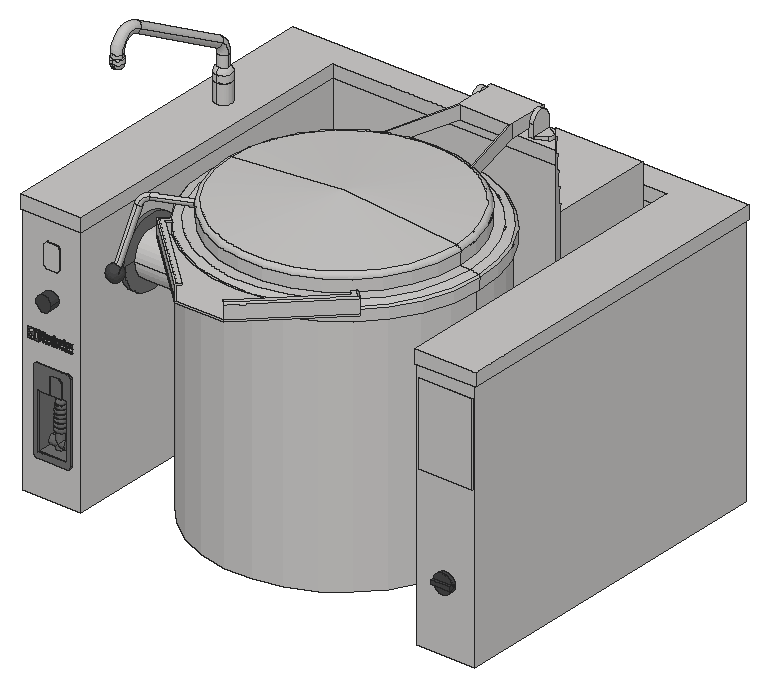
Revit family "QF_ELECTROLUXPROFESSIONAL_586917_PBOT10GCCS", category Specialty Equipment, Revit 2018
Family settings
  Round Connector Dimension = Use Radius
  Part Type = Normal
  Work Plane-Based = No
  Always vertical = Yes
  Cut with Voids When Loaded = No
  Shared = Yes
  Room Calculation Point = No
Parameters (values of type "Standard")
  Weight = 230.00 kg
  Watts = 0 W
  Volts = 230 V
  URL Manufacturer = "http://professional.electrolux.com"
  URL = "http://professional.electrolux.com"
  Tilt Clearance [instance] = 1124 mm
  Steam Supply Size = 0"
  Steam Supply Minimum Pressure = 0.00 psi
  Steam Supply Maximum Pressure = 0.00 psi
  Steam Pounds per Hour = 0
  Show Logo [instance] = yes
  Refrigeration Suction Line Size = 0"
  Refrigeration Liquid Line Size = 0"
  Refrigerant Compressor Remote = yes
  Plinth Base Finish [instance] = QF_Finishes_Concrete
  Plinth Base [instance] = not(Base Height = 500 mm)  # yes
  Phase = 1
  Length Actual = 1200 mm  # constant formula
  Item Number = "586917"
  Hot Water Size = 1/2"
  Height Actual = 700 mm  # constant formula
  HP = "0.3 HP"
  Gas Size = 1"
  Gas KW = 21
  Gas Input Pressure = 0.760796 Btu/h
  Direct Waste Size = 0"
  Depth Actual = 900 mm  # constant formula
  Cycle = 50 Hz
  Condensate Return Size = 0"
  Compressed Air Volume = 0 GPM
  Compressed Air Size = 0"
  Compressed Air Pressure = 0.00 psi
  Cold Water Size = 1/2"
  Assembly Code = ""
  Open Clearance [instance] = 856 mm  # constant formula
  Model = "PBOT10GCCS"
  Manufacturer = "Electrolux Professional"
  Description = "GAS BOILING PAN,TILTING,AUTO H/C WAER FILL INLET,SPRAY GUN, 100L,H700,FS,D900,REAR CLS KIT,GUID.COOK.S"
  Bracket [instance] = Base Height = 500 mm  # no
  Body Finish [instance] = QF_Finishes_Stainless Steel
  Base Height = 200 mm
  Show Clearance [instance] = yes
  Accessory = yes
Reference planes
  plane 1 "BACK": y = 100
  plane 2: z = 0
  plane 3 "LEFT": x = 0
  plane 4 "RIGHT": x = 1200
  plane 5 "FRONT": y = -800
  plane 6 "TOP": z = 900
  plane 7: z = 200
  plane 8 "Center": x = 600
  plane 9: z = 1756
  plane 10: y = -960
  plane 11 "Vessel X axis": y = -483
  plane 12: x = 280
  plane 13: y = -580
  plane 14: x = 280
  plane 15: through (0, 114.006, 947.95) normal (0, 0.281, -0.9597)
  plane 16: z = 505
  plane 17 "Top Level": z = 981
  plane 18: y = -1024
  plane 19: z = 981.311
  plane 20: z = 227.005
Forms (mm)
  Extrusion 1, solid, material "QF_Finishes_Stainless Steel" <- "Body Finish"
    sketch origin (0, 0, 900) x (-1, 0, 0) y (0, -1, 0)
      loop
        line (0, -100) -> (0, 800) -> (-160, 800) -> (-160, -31.55) -> (-1040, -31.55) -> (-1040, 800) -> (-1200, 800) -> (-1200, -100) -> (0, -100)
    from -35 to 0
  Extrusion 2, solid, material "QF_Finishes_Stainless Steel" <- "Body Finish"
    sketch origin (0, 0, 900) x (-1, 0, 0) y (0, -1, 0)
      loop
        line (-535, 960) -> (-665, 960) -> (-868.236, 765.434) -> (-847.007, 744.205)
        arc (-847.007, 744.205) -> (-600, 842.5) -> (-352.993, 744.205) r 359.5
        line (-352.993, 744.205) -> (-331.764, 765.434) -> (-535, 960)
    from 1.223 to 5.898
  Revolve 3, solid, material "QF_Finishes_Stainless Steel" <- "Body Finish"
    sketch origin (0, 50.89, 727.5) x (-1, 0, 0) y (0, -1, 0)
      loop
        line (-170, 573.89) -> (-170, 540.89) -> (-157, 540.89) -> (-157, 630.89) -> (-1043, 630.89) -> (-1043, 540.89) -> (-1030, 540.89) -> (-1030, 573.89) -> (-170, 573.89)
      axis (-1043, 630.89) -> (-157, 630.89)
    angle from 0 to 360
  Extrusion 4, solid, material "QF_Finishes_Stainless Steel" <- "Body Finish"
    sketch origin (0, 100, 0) x (1, 0, 0) y (0, 0, 1)
      loop
        circle (1120, 450) r 10
    from 3 to 0
  Extrusion 5, solid, material "QF_Finishes_Stainless Steel" <- "Body Finish"
    sketch origin (600, 0, 0) x (0, 1, 0) y (0, 0, 1)
      loop
        line (89, 900) -> (89, 935.1)
        arc (89, 935.1) -> (65, 959.1) -> (41, 935.1) r 24
        line (41, 935.1) -> (41, 900) -> (89, 900)
    from 69.2 to 82.1
  Revolve 6, solid, material "QF_Finishes_Stainless Steel" <- "Body Finish"
    sketch origin (0, -483, 0) x (-1, 0, 0) y (0, 0, 1)
      loop
        line (-600, 981) -> (-600, 912.336) -> (-291.999, 912.336) -> (-291.999, 943.013)
        arc (-291.999, 943.013) -> (-295.325, 951.663) -> (-303.589, 955.857) r 12.912
        arc (-303.589, 955.857) -> (-451.457, 972.404) -> (-600, 981) r 2774.321
      axis (-600, 981) -> (-600, 912.336)
    angle from 0 to 360
  Sweep 7, solid, material "QF_Finishes_Stainless Steel" <- "Body Finish"
    path in 3D
      loop
        line (665, -960, 905.898) -> (868.236, -765.434, 905.898) -> (847.007, -744.205, 905.898)
    profile origin (766.618, -862.717, 905.898) x (-0.691532, 0.722346, 0) y (0, 0, 1)
      loop
        line (0, 0) -> (2.5, 0) -> (2.5, 35.781)
        arc (2.5, 35.781) -> (3.003, 36.997) -> (4.219, 37.5) r 1.719
        line (4.219, 37.5) -> (15.312, 37.5) -> (15.312, 40) -> (4.052, 40)
        arc (4.052, 40) -> (1.187, 38.813) -> (0, 35.948) r 4.052
        line (0, 35.948) -> (0, 0)
  Extrusion 8, solid, material "QF_Finishes_Stainless Steel" <- "Body Finish"
    sketch origin (0, 100, 0) x (1, 0, 0) y (0, 0, 1)
      loop
        line (157, 865) -> (157, 500) -> (1043, 500) -> (1043, 865) -> (157, 865)
    from 3 to 65.418
  Extrusion 9, solid, material "QF_Finishes_Stainless Steel" <- "Body Finish"
    sketch origin (600, 0, 0) x (0, 1, 0) y (0, 0, 1)
      loop
        line (89, 900) -> (89, 935.1)
        arc (89, 935.1) -> (65, 959.1) -> (41, 935.1) r 24
        line (41, 935.1) -> (41, 900) -> (89, 900)
    from -82.1 to -69.2
  Extrusion 10, solid, material "QF_Finishes_Stainless Steel" <- "Body Finish"
    sketch origin (600, -4572, 981) x (0, -1, 0) y (-1, 0, 0)
      loop
        line (-4551, 64.871) -> (-4315.558, 127.227) -> (-4309.255, 132.754) -> (-4555.565, 69.2) -> (-4661, 69.2) -> (-4661, -69.2) -> (-4555.565, -69.2) -> (-4309.255, -132.754) -> (-4315.558, -127.227) -> (-4551, -64.871) -> (-4551, 64.871)
    from 25.143 to 59.002
  Sweep 11, solid, material "QF_Finishes_Stainless Steel" <- "Body Finish"
    path in 3D
      loop
        line (352.993, -744.205, 905.898) -> (331.764, -765.434, 905.898) -> (535, -960, 905.898)
    profile origin (433.382, -862.717, 905.898) x (0.691532, 0.722346, 0) y (0, 0, 1)
      loop
        line (0, 0) -> (2.5, 0) -> (2.5, 35.781)
        arc (2.5, 35.781) -> (3.003, 36.997) -> (4.219, 37.5) r 1.719
        line (4.219, 37.5) -> (15.312, 37.5) -> (15.312, 40) -> (4.052, 40)
        arc (4.052, 40) -> (1.187, 38.813) -> (0, 35.948) r 4.052
        line (0, 35.948) -> (0, 0)
  Extrusion 12, solid, material "QF_Finishes_Stainless Steel" <- "Body Finish"
    sketch origin (0, 0, 900) x (-1, 0, 0) y (0, -1, 0)
      loop
        arc (-708.472, -55.346) -> (-714.2, -65) -> (-708.472, -74.654) r 11
        line (-708.472, -74.654) -> (-682.1, -89.055) -> (-682.1, -40.945) -> (-708.472, -55.346)
      loop
        line (-491.528, -55.346) -> (-517.9, -40.945) -> (-517.9, -89.055) -> (-491.528, -74.654)
        arc (-491.528, -74.654) -> (-485.8, -65) -> (-491.528, -55.346) r 11
    from 0 to 8
  Revolve 13, solid, material "QF_Finishes_Stainless Steel" <- "Body Finish"
    sketch origin (0, -483, 0) x (-1, 0, 0) y (0, 0, 1)
      loop
        line (-600, 910.898) -> (-600, 227.005) -> (-250.45, 227.005) -> (-250.45, 870.866) -> (-240.5, 870.866) -> (-240.5, 899.23) -> (-244.882, 905.093) -> (-265.728, 910.898) -> (-600, 910.898)
      axis (-600, 910.898) -> (-600, 227.005)
    angle from 0 to 360
  Extrusion 14, solid, material "QF_Finishes_Stainless Steel" <- "Body Finish"
    sketch origin (1100, -797, 0) x (-1, 0, 0) y (0, 0, -1)
      loop
        line (50, -833.989) -> (50, -618.989) -> (-91.535, -618.989) -> (-91.535, -833.989) -> (50, -833.989)
      loop
        line (1029.661, -812.084) -> (1036.975, -804.77) -> (1036.975, -754.399) -> (1029.661, -747.084) -> (1004.29, -747.084) -> (996.975, -754.399) -> (996.975, -804.77) -> (1004.29, -812.084) -> (1029.661, -812.084)
    from 0 to 3
  Extrusion 15, solid, material "QF_Finishes_Black"
    sketch origin (1200, -797, -30) x (-1, 0, 0) y (0, 0, -1)
      loop
        circle (80.286, -405.28) r 25
    from 0 to 10.306
  Extrusion 16, solid, material "QF_Finishes_Black"
    sketch origin (1200, -797, -30) x (-1, 0, 0) y (0, 0, -1)
      loop
        arc (104.667, -410.806) -> (105.286, -405.28) -> (104.667, -399.753) r 25
        line (104.667, -399.753) -> (55.904, -399.753)
        arc (55.904, -399.753) -> (55.286, -405.28) -> (55.904, -410.806) r 25
        line (55.904, -410.806) -> (104.667, -410.806)
    from 0 to 18.276
  Extrusion 17, solid, material "QF_Finishes_Black"
    sketch origin (160, -797, 0) x (-1, 0, 0) y (0, 0, -1)
      loop
        circle (80.781, -678.5) r 20
    from 0 to 25
  Extrusion 18, solid, material "QF_Finishes_Stainless Steel" <- "Body Finish", visible <- "Bracket"
    sketch origin (0, 37, -14) x (0, 1, 0) y (0, 0, 1)
      loop
        line (60, 514) -> (-140, 514) -> (-140, 400) -> (-76.36, 336.36) -> (60, 336.36) -> (60, 514)
    from 25.741 to 134.773
  Extrusion 19, solid, material "QF_Finishes_Stainless Steel" <- "Body Finish", visible <- "Bracket"
    sketch origin (1200, 0, 0) x (0, 1, 0) y (0, 0, 1)
      loop
        line (97, 322.36) -> (97, 500) -> (-103, 500) -> (-103, 386) -> (-39.36, 322.36) -> (97, 322.36)
    from -133.886 to -23.363
  Extrusion 20, solid, material "QF_Finishes_Stainless Steel" <- "Body Finish"
    sketch origin (0, 100, 0) x (1, 0, 0) y (0, 0, 1)
      loop
        circle (50, 395) r 6.35
      loop
        circle (110.571, 395) r 6.35
      loop
        circle (80.257, 345) r 12.7
    from 3 to 0
  Revolve 21, solid, material "QF_Finishes_Clearance", visible <- "Show Clearance", detail levels coarse
    sketch origin (600, 10.879, 0.726) x (0, 0.999996, 0.002845) y (0, -0.002845, 0.999996)
      loop
        line (-104.3, 1490.183) -> (-181.256, 1755.797) -> (-205.268, 1748.84) -> (-128.312, 1483.226) -> (-104.3, 1490.183)
      axis (-104.3, 1490.183) -> (-128.312, 1483.226)
    angle from 0 to 360
  Extrusion 22, solid, material "QF_Finishes_Stainless Steel" <- "Body Finish"
    sketch origin (0, -602.697, 0) x (1, 0, 0) y (0, 1, 0)
      loop
        line (1016.007, 584.463) -> (786.007, 584.463) -> (1016.007, 314.463) -> (1016.007, 584.463)
    from 378.064 to 989.164
  Extrusion 23, solid, material "QF_Finishes_Stainless Steel" <- "Body Finish"
    sketch origin (-69.539, -630.792, 0) x (1, 0, 0) y (0, 1, 0)
      loop
        line (1059.01, 373.71) -> (884.088, 579.053) -> (767.131, 467.501)
        arc (767.131, 467.501) -> (888.172, 400.65) -> (971.802, 290.532) r 334.272
        line (971.802, 290.532) -> (1059.01, 373.71)
    from 383.064 to 403.064
  Extrusion 24, solid, material "QF_Finishes_Stainless Steel" <- "Body Finish"
    sketch origin (0, 0, 0) x (1, 0, 0) y (0, 1, 0)
      loop
        line (157, 97) -> (3, 97) -> (3, -797) -> (157, -797) -> (157, 97)
      loop
        line (1197, 97) -> (1043, 97) -> (1043, -797) -> (1197, -797) -> (1197, 97)
    from 200 to 865
  Extrusion 25, solid, material "Navy Blue", visible <- "Show Logo"
    sketch origin (160, -797, 0) x (-1, 0, 0) y (0, 0, -1)
      loop
        line (101.332, -593.18) -> (109.793, -593.18) -> (109.793, -583.327)
        arc (109.793, -583.327) -> (108.679, -580.639) -> (105.991, -579.525) r 3.802
        line (105.991, -579.525) -> (101.168, -579.525) -> (101.168, -581.736) -> (105.441, -581.736)
        arc (105.441, -581.736) -> (106.845, -582.21) -> (107.442, -583.566) r 1.838
        line (107.442, -583.566) -> (107.442, -585.52) -> (101.698, -585.52) -> (101.698, -587.738) -> (107.442, -587.738) -> (107.442, -590.968) -> (101.332, -590.968) -> (101.332, -593.18)
      loop
        line (99.498, -593.18) -> (99.498, -579.525) -> (97.146, -579.525) -> (97.146, -593.18) -> (99.498, -593.18)
      loop
        line (48.417, -593.18) -> (48.417, -579.525) -> (46.064, -579.525) -> (46.064, -593.18) -> (48.417, -593.18)
      loop
        line (93.257, -583.886) -> (85.539, -583.886)
        arc (85.539, -583.886) -> (86.746, -588.126) -> (90.874, -589.672) r 4.89
        arc (90.874, -589.672) -> (94.51, -587.828) -> (95.548, -583.886) r 4.976
        arc (95.548, -583.886) -> (94.182, -580.589) -> (90.886, -579.224) r 4.662
        arc (90.886, -579.224) -> (88.32, -579.602) -> (86.169, -581.05) r 5.86
        line (86.169, -581.05) -> (87.562, -582.444)
        arc (87.562, -582.444) -> (89.391, -581.347) -> (91.516, -581.531) r 3.458
        arc (91.516, -581.531) -> (92.812, -582.394) -> (93.257, -583.886) r 2.29
      loop
        line (93.198, -585.539) -> (87.902, -585.539)
        arc (87.902, -585.539) -> (88.645, -587.103) -> (90.278, -587.679) r 2.256
        arc (90.278, -587.679) -> (92.162, -587.188) -> (93.198, -585.539) r 2.64
      loop
        line (76.371, -586.524) -> (74.894, -588)
        arc (74.894, -588) -> (76.746, -589.341) -> (78.997, -589.742) r 5.117
        arc (78.997, -589.742) -> (82.429, -588.487) -> (84.231, -585.308) r 5.293
        arc (84.231, -585.308) -> (81.194, -579.733) -> (74.977, -581.018) r 5.33
        line (74.977, -581.018) -> (76.446, -582.487)
        arc (76.446, -582.487) -> (79.616, -581.438) -> (81.887, -583.886) r 3.088
        arc (81.887, -583.886) -> (81.729, -585.821) -> (80.396, -587.234) r 2.933
        arc (80.396, -587.234) -> (78.264, -587.559) -> (76.371, -586.524) r 3.369
      loop
        line (73.45, -593.18) -> (73.45, -583.849)
        arc (73.45, -583.849) -> (73.246, -582.449) -> (72.722, -581.135) r 6.031
        arc (72.722, -581.135) -> (71.044, -579.8) -> (68.918, -579.519) r 4.018
        line (68.918, -579.519) -> (68.918, -581.723)
        arc (68.918, -581.723) -> (69.55, -581.771) -> (70.139, -582.005) r 2.118
        arc (70.139, -582.005) -> (70.895, -582.804) -> (71.098, -583.886) r 1.949
        line (71.098, -583.886) -> (71.098, -587.265) -> (68.962, -587.265) -> (68.962, -589.401) -> (71.098, -589.401) -> (71.098, -593.18) -> (73.45, -593.18)
      loop
        arc (64.65, -584.717) -> (64.482, -585.701) -> (63.997, -586.574) r 2.967
        arc (63.997, -586.574) -> (62.588, -587.297) -> (61.004, -587.265) r 3.231
        line (61.004, -587.265) -> (61.004, -589.525)
        arc (61.004, -589.525) -> (63.073, -589.33) -> (64.65, -587.977) r 3.432
        line (64.65, -587.977) -> (64.65, -589.401) -> (66.983, -589.401) -> (66.983, -579.525) -> (64.65, -579.525) -> (64.65, -584.717)
      loop
        circle (55.254, -584.461) r 5.233
      loop
        circle (55.254, -584.461) r 3.172
      loop
        arc (37.582, -583.638) -> (38.162, -582.041) -> (39.738, -581.405) r 2.088
        arc (39.738, -581.405) -> (41.313, -582.041) -> (41.894, -583.638) r 2.088
        line (41.894, -583.638) -> (41.894, -589.401) -> (44.266, -589.401) -> (44.266, -583.442)
        arc (44.266, -583.442) -> (42.916, -580.365) -> (39.738, -579.275) r 4.181
        arc (39.738, -579.275) -> (36.524, -580.398) -> (35.211, -583.539) r 4.181
        line (35.211, -583.539) -> (35.211, -589.401) -> (37.582, -589.401) -> (37.582, -583.638)
      loop
        line (33.789, -589.401) -> (30.374, -584.764) -> (34.126, -579.522) -> (31.598, -579.522) -> (29.107, -583.001) -> (26.58, -579.522) -> (24.068, -579.522) -> (27.767, -584.817) -> (24.385, -589.401) -> (26.952, -589.401) -> (29.115, -586.469) -> (31.245, -589.401) -> (33.789, -589.401)
      loop
        line (108.47, -573.865) -> (110.346, -573.865) -> (110.346, -569.143) -> (109.319, -569.143) -> (109.319, -570.769) -> (108.185, -570.769)
        arc (108.185, -570.769) -> (106.916, -572.447) -> (108.47, -573.865) r 1.561
      loop
        arc (108.23, -571.697) -> (107.841, -572.304) -> (108.23, -572.911) r 0.668
        line (108.23, -572.911) -> (109.319, -572.911) -> (109.319, -571.697) -> (108.23, -571.697)
      loop
        line (101.061, -573.865) -> (102.968, -573.865) -> (102.968, -569.143) -> (101.942, -569.143) -> (101.942, -570.769) -> (100.949, -570.769) -> (100.27, -569.143) -> (99.168, -569.143) -> (100.097, -571.134)
        arc (100.097, -571.134) -> (99.652, -571.665) -> (99.502, -572.343) r 1.458
        arc (99.502, -572.343) -> (99.971, -573.421) -> (101.061, -573.865) r 1.559
      loop
        line (101.942, -572.911) -> (101.942, -571.697) -> (100.852, -571.697)
        arc (100.852, -571.697) -> (100.464, -572.304) -> (100.852, -572.911) r 0.668
        line (100.852, -572.911) -> (101.942, -572.911)
      loop
        circle (93.139, -571.504) r 2.453
      loop
        circle (93.139, -571.504) r 1.557
      loop
        line (86.655, -573.865) -> (86.655, -569.143) -> (85.654, -569.143) -> (85.654, -570.793) -> (83.876, -570.793) -> (83.876, -571.851) -> (85.654, -571.851) -> (85.654, -572.847) -> (83.706, -572.847) -> (83.706, -573.865) -> (86.655, -573.865)
      loop
        line (79.724, -573.865) -> (79.724, -570.677)
        arc (79.724, -570.677) -> (79.288, -569.596) -> (78.213, -569.146) r 1.51
        line (78.213, -569.146) -> (76.689, -569.146) -> (76.689, -570.038) -> (78.122, -570.038)
        arc (78.122, -570.038) -> (78.65, -570.475) -> (78.753, -571.151) r 0.961
        line (78.753, -571.151) -> (76.866, -571.151) -> (76.866, -572.043) -> (78.753, -572.043) -> (78.753, -572.973) -> (76.735, -572.973) -> (76.735, -573.865) -> (79.724, -573.865)
      loop
        arc (62.624, -573.267) -> (63.249, -573.78) -> (64.041, -573.943) r 1.69
        arc (64.041, -573.943) -> (64.773, -573.764) -> (65.374, -573.31) r 1.872
        arc (65.374, -573.31) -> (65.486, -572.238) -> (64.794, -571.411) r 1.385
        arc (64.794, -571.411) -> (64.212, -571.217) -> (63.66, -570.95) r 4.78
        arc (63.66, -570.95) -> (63.312, -570.539) -> (63.552, -570.057) r 0.489
        arc (63.552, -570.057) -> (63.998, -569.952) -> (64.442, -570.065) r 0.963
        arc (64.442, -570.065) -> (64.826, -570.341) -> (65.061, -570.752) r 1.118
        line (65.061, -570.752) -> (65.887, -570.367)
        arc (65.887, -570.367) -> (65.589, -569.793) -> (65.11, -569.36) r 1.815
        arc (65.11, -569.36) -> (64.566, -569.127) -> (63.978, -569.068) r 1.957
        arc (63.978, -569.068) -> (63.25, -569.213) -> (62.595, -569.561) r 2.556
        arc (62.595, -569.561) -> (62.305, -570.331) -> (62.455, -571.139) r 1.535
        arc (62.455, -571.139) -> (62.778, -571.512) -> (63.19, -571.781) r 1.779
        arc (63.19, -571.781) -> (63.712, -572.014) -> (64.248, -572.215) r 9.371
        arc (64.248, -572.215) -> (64.557, -572.696) -> (64.11, -573.053) r 0.427
        arc (64.11, -573.053) -> (63.575, -572.924) -> (63.163, -572.558) r 1.135
        line (63.163, -572.558) -> (62.624, -573.267)
      loop
        line (58.291, -573.865) -> (58.291, -569.146) -> (57.321, -569.146) -> (57.321, -573.865) -> (58.291, -573.865)
      loop
        circle (50.779, -571.506) r 1.468
      loop
        circle (50.779, -571.506) r 2.451
      loop
        line (44.27, -569.146) -> (43.289, -569.146) -> (43.289, -572.113) -> (41.131, -569.146) -> (40.187, -569.146) -> (40.187, -573.865) -> (41.168, -573.865) -> (41.168, -570.808) -> (43.326, -573.865) -> (44.27, -573.865) -> (44.27, -569.146)
      loop
        line (35.295, -569.146) -> (34.836, -570.164) -> (33.09, -570.164) -> (32.631, -569.146) -> (31.588, -569.146) -> (33.581, -573.865) -> (34.491, -573.865) -> (36.337, -569.146) -> (35.295, -569.146)
      loop
        line (33.526, -571.132) -> (33.993, -572.169) -> (34.447, -571.132) -> (33.526, -571.132)
      loop
        line (26.769, -570.038) -> (26.769, -573.865) -> (27.739, -573.865) -> (27.739, -569.146) -> (24.954, -569.146) -> (24.954, -570.038) -> (26.769, -570.038)
      loop
        arc (69.698, -573.267) -> (70.324, -573.78) -> (71.116, -573.943) r 1.69
        arc (71.116, -573.943) -> (71.847, -573.764) -> (72.449, -573.31) r 1.872
        arc (72.449, -573.31) -> (72.56, -572.238) -> (71.868, -571.411) r 1.385
        arc (71.868, -571.411) -> (71.287, -571.217) -> (70.735, -570.95) r 4.78
        arc (70.735, -570.95) -> (70.386, -570.539) -> (70.627, -570.057) r 0.489
        arc (70.627, -570.057) -> (71.073, -569.952) -> (71.517, -570.065) r 0.963
        arc (71.517, -570.065) -> (71.901, -570.341) -> (72.136, -570.752) r 1.118
        line (72.136, -570.752) -> (72.961, -570.367)
        arc (72.961, -570.367) -> (72.664, -569.793) -> (72.184, -569.36) r 1.815
        arc (72.184, -569.36) -> (71.64, -569.127) -> (71.052, -569.068) r 1.957
        arc (71.052, -569.068) -> (70.325, -569.213) -> (69.669, -569.561) r 2.556
        arc (69.669, -569.561) -> (69.38, -570.331) -> (69.529, -571.139) r 1.535
        arc (69.529, -571.139) -> (69.852, -571.512) -> (70.265, -571.781) r 1.779
        arc (70.265, -571.781) -> (70.787, -572.014) -> (71.322, -572.215) r 9.371
        arc (71.322, -572.215) -> (71.632, -572.696) -> (71.185, -573.053) r 0.427
        arc (71.185, -573.053) -> (70.649, -572.924) -> (70.238, -572.558) r 1.135
        line (70.238, -572.558) -> (69.698, -573.267)
      loop
        line (124.467, -593.367) -> (124.467, -568.534)
        arc (124.467, -568.534) -> (115.287, -580.95) -> (124.467, -593.367) r 12.987
      loop
        arc (125.423, -593.446) -> (135.891, -591.227) -> (141.022, -581.837) r 12.809
        line (141.022, -581.837) -> (135.422, -581.837)
        arc (135.422, -581.837) -> (128.84, -585.012) -> (125.423, -591.472) r 11.707
        line (125.423, -591.472) -> (125.423, -593.446)
      loop
        arc (125.73, -570.332) -> (129.585, -577.251) -> (136.925, -580.23) r 11.93
        line (136.925, -580.23) -> (141.033, -580.23)
        arc (141.033, -580.23) -> (136.066, -570.804) -> (125.73, -568.215) r 13.06
        line (125.73, -568.215) -> (125.73, -570.332)
      loop
        line (141.976, -594.722) -> (141.976, -567.122) -> (114.339, -567.122) -> (114.339, -594.722) -> (141.976, -594.722)
    from 0 to 0.697
  Extrusion 26, void
    sketch origin (0, -800, 0) x (1, 0, 0) y (0, 0, 1)
      loop
        line (125.4, 500.944) -> (43.4, 500.944) -> (43.4, 305.944) -> (125.4, 305.944) -> (125.4, 500.944)
    from 0 to -63
Cuts and joins
  joined: Revolve 6, Extrusion 10
  Extrusion 26 cuts Extrusion 24
Lines and regions (mm)
  Split face 1
    outline origin (1100, -800, 0) x (-1, 0, 0) y (0, 0, -1)
      loop
        line (44.321, -826.533) -> (44.321, -691.533) -> (-84.715, -691.533) -> (-84.715, -826.533) -> (44.321, -826.533)
  Split face 2
    outline origin (1100, -800, 0) x (-1, 0, 0) y (0, 0, -1)
      loop
        line (44.321, -691.533) -> (44.321, -625.535) -> (-84.715, -625.535) -> (-84.715, -691.533) -> (44.321, -691.533)
  Split face 3
    outline origin (1100, -800, 0) x (-1, 0, 0) y (0, 0, -1)
      loop
        line (35.153, -818.972) -> (35.153, -698.972) -> (-73.882, -698.972) -> (-73.882, -818.972) -> (35.153, -818.972)
  Split face 4
    outline origin (1100, -800, 0) x (-1, 0, 0) y (0, 0, -1)
      loop
        line (1029.036, -812.084) -> (1036.35, -804.77) -> (1036.35, -754.399) -> (1029.036, -747.084) -> (1029.036, -812.084)
  Split face 5
    outline origin (-933.951, -800, 0) x (1, 0, 0) y (0, 0, 1)
      loop
        line (1029.036, 812.084) -> (1029.036, 747.084) -> (1036.35, 754.399) -> (1036.35, 804.77) -> (1029.036, 812.084)
  Split face 6
    outline origin (0, -602.697, 989.164) x (1, 0, 0) y (0, 1, 0)
      loop
        line (1006.007, 574.463) -> (808.007, 574.463) -> (1006.007, 342.463) -> (1006.007, 574.463)
  sketch lines
    curve 1: line (665, -960, 905.898) -> (868.236, -765.434, 905.898)
    curve 2: line (868.236, -765.434, 905.898) -> (847.007, -744.205, 905.898)
    curve 3: line (331.764, -765.434, 905.898) -> (535, -960, 905.898)
    curve 4: line (352.993, -744.205, 905.898) -> (331.764, -765.434, 905.898)
  symbolic lines
    curve 5: line (170, -490, 0) -> (160, -490, 0)
    curve 6: line (170, -490, 0) -> (170, -670, 0)
    curve 7: line (170, -670, 0) -> (160, -670, 0)
    curve 8: line (1030, -490, 0) -> (1040, -490, 0)
    curve 9: line (1030, -490, 0) -> (1030, -670, 0)
    curve 10: line (1030, -670, 0) -> (1040, -670, 0)
    curve 11: line (1030, -523.539, 0) -> (957.207, -523.539, 0)
    curve 12: line (1030, -636.461, 0) -> (925.1, -636.461, 0)
    curve 13: line (170, -523.539, 0) -> (242.793, -523.539, 0)
    curve 14: line (170, -636.461, 0) -> (274.9, -636.461, 0)
    curve 15: line (160, -800, 0) -> (160, 31.55, 0)
    curve 16: line (0, -800, 0) -> (160, -800, 0)
    curve 17: line (0, 100, 0) -> (0, -800, 0)
    curve 18: line (160, 31.55, 0) -> (530.8, 31.55, 0)
    curve 19: line (1200, 100, 0) -> (0, 100, 0)
    curve 20: line (1040, 31.55, 0) -> (1040, -800, 0)
    curve 21: line (1200, -800, 0) -> (1200, 100, 0)
    curve 22: line (1040, -800, 0) -> (1200, -800, 0)
    curve 23: circle (600, -483, 0) r 359.5 normal (0, 0, 1)
    curve 24: line (669.2, 31.55, 0) -> (1040, 31.55, 0)
    curve 25: line (545.589, -948.939, 0) -> (353.658, -765.195, 0)
    curve 26: line (353.658, -765.195, 0) -> (364.355, -754.499, 0)
    curve 27: line (535, -960, 0) -> (545.589, -948.939, 0)
    curve 28: line (665, -960, 0) -> (654.411, -948.939, 0)
    curve 29: line (846.342, -765.195, 0) -> (654.411, -948.939, 0)
    curve 30: line (835.645, -754.499, 0) -> (846.342, -765.195, 0)
    curve 32: line (1016.007, -18.234, 0) -> (786.007, -18.234, 0)
    curve 33: line (1016.007, -288.233, 0) -> (1016.007, -18.234, 0)
    curve 34: line (786.007, -18.234, 0) -> (1016.007, -288.233, 0)
    curve 35: line (1006.007, -28.234, 0) -> (808.007, -28.234, 0)
    curve 36: line (808.007, -28.234, 0) -> (1006.007, -260.233, 0)
    curve 37: line (1006.007, -260.233, 0) -> (1006.007, -28.234, 0)
    curve 45: line (921.425, -321.984, 0) -> (989.471, -257.082, 0)
    curve 46: line (814.549, -51.739, 0) -> (718.315, -143.527, 0)
  model lines, style "QF-Clearances", visible <- "Show Clearance", detail levels coarse
    curve 31: arc (600, -960, 954.089) -> (600, -1008.605, 614.371) -> (600, -800, 341.874) r 443
  symbolic lines, style "QF-Clearances", visible <- "Show Clearance", detail levels coarse
    curve 38: line (850, -450, 0) -> (850, -1650, 0)
    curve 39: line (350, -450, 0) -> (350, -1650, 0)
    curve 40: line (850, -1650, 0) -> (350, -1650, 0)
    curve 41: line (850, -450, 0) -> (350, -450, 0)
    curve 42: line (850, -1120.158, 0) -> (650, -1650, 0)
    curve 43: circle (600, -1600, 0) r 25 normal (0, 0, 1)
    curve 44: line (350, -1120.158, 0) -> (550, -1650, 0)
Dimensions and locks
  plane 3 "LEFT" to plane 4 "RIGHT" = 1200 mm
  plane 4 "RIGHT" to plane 3 "LEFT" = 1200 mm
  plane 1 "BACK" to plane 5 "FRONT" = 900 mm
  plane 5 "FRONT" to plane 1 "BACK" = 900 mm
  "Base Height": plane 7 to level
  equal spacing: plane 3 "LEFT", plane 8 "Center", plane 4 "RIGHT"
  "Open Clearance": plane 9 to plane 6 "TOP"
  locked: Extrusion 8 sketch curve to Extrusion 8 sketch curve at 365
  plane 4 "RIGHT" to Extrusion 4 sketch curve = 80 mm
  locked: Extrusion 2 sketch curve to Extrusion 2 sketch curve at 30.022  (x2)
  equal spacing: Extrusion 10 sketch curve, plane 8 "Center", Extrusion 10 sketch curve
  locked: Extrusion 10 sketch curve to Extrusion 10 sketch curve at 138.4
  Extrusion 10 sketch curve to Extrusion 10 sketch curve to plane 1 "BACK" = 110 mm locked, 11 mm locked
  plane 11 "Vessel X axis" to Revolve 3 sketch curve = 97 mm
  Revolve 3 sketch curve to Revolve 3 sketch curve to Revolve 3 sketch curve to Revolve 3 sketch curve = 33 mm locked, 57 mm locked, 0 mm locked
  plane 11 "Vessel X axis" to plane 13 = 97 mm
  equal spacing: curve 5, plane 13, curve 7
  locked: curve 5 to curve 7 at 180
  equal spacing: curve 11, plane 13, curve 12
  locked: curve 11 to curve 12 at 112.922
  plane 14 to plane 8 "Center" = 320 mm
  Revolve 13 sketch curve to Revolve 13 sketch curve to Revolve 13 sketch curve to Revolve 13 sketch curve to plane 14 = 4.382 mm locked, 5.568 mm locked, 15.278 mm locked, 14.272 mm locked
  plane 12 to plane 8 "Center" = 320 mm
  Revolve 6 sketch curve to Revolve 6 sketch curve to plane 12 = 11.59 mm locked, 11.999 mm locked
  Extrusion 16 sketch curve to Extrusion 16 sketch curve = 11.053 mm
  Extrusion 19 sketch curve to Extrusion 19 sketch curve to Extrusion 19 sketch curve = 114 mm locked, 63.64 mm locked
  plane 6 "TOP" to Extrusion 14 sketch curve to Extrusion 14 sketch curve = 66.011 mm locked, 215 mm locked
  plane 6 "TOP" to Extrusion 14 sketch curve to Extrusion 14 sketch curve to Extrusion 14 sketch curve to Extrusion 14 sketch curve = 87.916 mm locked, 7.315 mm locked, 50.371 mm, 7.315 mm locked
  plane 6 "TOP" to level = 900 mm
  locked: Extrusion 19 sketch curve to level at 322.36
  locked: Extrusion 15 sketch curve to level at 375.28
  locked: Extrusion 16 sketch curve to level at 369.753
  Extrusion 10 sketch curve to Extrusion 10 sketch curve to plane 11 "Vessel X axis" = 6.303 mm, 220.255 mm
  Extrusion 10 sketch curve to Extrusion 10 sketch curve to plane 11 "Vessel X axis" = 6.303 mm locked, 220.255 mm locked
  locked: Revolve 21 sketch curve to Revolve 21 sketch curve at 276.537
  locked: Extrusion 1 to Revolve 21 sketch curve at 23.726
  plane 11 "Vessel X axis" to plane 1 "BACK" = 583 mm
  plane 10 to plane 1 "BACK" = 1060 mm
  plane 17 "Top Level" to Revolve 6 sketch curve to Revolve 6 sketch curve to Revolve 6 sketch curve = 25.143 mm locked, 12.844 mm locked, 30.677 mm locked
  plane 17 "Top Level" to Revolve 13 sketch curve to Revolve 13 sketch curve to Revolve 13 sketch curve to Revolve 13 sketch curve = 70.102 mm locked, 5.805 mm locked, 5.863 mm locked, 28.364 mm locked
  plane 6 "TOP" to plane 16 = 395 mm
  plane 17 "Top Level" to nested 1 = 45.299 mm
  plane 17 "Top Level" to Extrusion 2 to Extrusion 2 = 75.102 mm locked, 4.675 mm locked
  plane 17 "Top Level" to plane 6 "TOP" = 81 mm
  locked: Extrusion 5 sketch curve to plane 17 "Top Level" at 45.9
  locked: Extrusion 9 sketch curve to plane 17 "Top Level" at 45.9
  plane 11 "Vessel X axis" to nested 1 = 320 mm
  "Tilt Clearance": plane 18 to plane 1 "BACK"
  locked: curve 31 to plane 17 "Top Level" at 26.911
  locked: Revolve 13 sketch curve to level at 227.005
  Extrusion 22 sketch curve to Extrusion 22 sketch curve to plane 4 "RIGHT" = 230 mm locked, 183.993 mm locked
  Extrusion 18 sketch curve to Extrusion 18 sketch curve to Extrusion 18 sketch curve to level = 114 mm locked, 63.64 mm locked, 322.36 mm locked
  locked: Extrusion 4 sketch curve to level at 450
  locked: curve 39 to curve 38 at 500
  equal spacing: curve 39, plane 8 "Center", curve 38
  locked: plane 1 "BACK" to curve 40 at 1750
  locked: plane 1 "BACK" to curve 41 at 550
  locked: Extrusion 23 sketch curve to curve 34 at 40.857
  locked: curve 34 to Extrusion 23 sketch curve at 43.945
  Extrusion 23 sketch curve to curve 33 to Extrusion 23 sketch curve = 114.799 mm locked, 154.522 mm locked
  curve 34 to curve 45 to curve 33 = 40.857 mm locked, 154.522 mm locked
  curve 34 to curve 46 to curve 33 = 43.945 mm locked, 114.799 mm locked
  angle plane 9 to Revolve 21 sketch curve = 16.3208°
  aligned and locked: level to plane 2
  aligned and locked: Extrusion 8 to Extrusion 1
  aligned and locked: plane 10 to Extrusion 2 sketch curve
  aligned and locked: plane 8 "Center" to Revolve 6 sketch curve  (x2)
  aligned and locked: Revolve 3 sketch curve to Revolve 3 sketch curve
  aligned and locked: Revolve 3 to Revolve 3  (x2)
  aligned and locked: curve 15 to Extrusion 1
  aligned and locked: curve 6 to Revolve 3
  aligned and locked: curve 20 to Extrusion 1
  aligned and locked: curve 9 to Revolve 3
  aligned and locked: curve 12 to curve 14
  aligned and locked: curve 11 to curve 13
  aligned and locked: curve 5 to curve 8
  aligned and locked: curve 7 to curve 10
  aligned and locked: curve 23 to Revolve 13
  aligned and locked: Extrusion 2 sketch curve to Revolve 13
  aligned and locked: curve 25 to Sweep 11
  aligned and locked: curve 26 to Sweep 11
  aligned and locked: curve 27 to Sweep 11
  aligned and locked: curve 28 to Sweep 7
  aligned and locked: curve 29 to Sweep 7
  aligned and locked: curve 30 to Sweep 7
  aligned and locked: plane 17 "Top Level" to Revolve 6 sketch curve
  aligned and locked: plane 5 "FRONT" to curve 31
  aligned and locked: plane 10 to curve 31
  aligned and locked: curve 34 to Extrusion 22
  aligned and locked: curve 32 to Extrusion 22
  aligned and locked: curve 33 to Extrusion 22
  aligned and locked: curve 37 to Split face 6
  aligned and locked: curve 35 to Split face 6
  aligned and locked: curve 36 to Split face 6
  aligned and locked: Extrusion 23 sketch curve to Revolve 13
  aligned and locked: Extrusion 22 to Extrusion 23 sketch curve
Automatic sketch dimensions
  curve 31 to plane 13 = 0 mm
  curve 31 to plane 6 "TOP" = 173.615 mm
  plane 8 "Center" to Extrusion 2 sketch curve = 65 mm
  Extrusion 2 sketch curve to plane 5 "FRONT" = 55.795 mm  (x2)
  Extrusion 2 sketch curve to plane 5 "FRONT" = 34.566 mm  (x2)
  Extrusion 2 sketch curve to plane 8 "Center" = 65 mm
  Extrusion 5 sketch curve to plane 6 "TOP" = 0 mm
  plane 1 "BACK" to Extrusion 5 sketch curve = 59 mm
  Extrusion 5 sketch curve to Extrusion 5 sketch curve = 24 mm
  Extrusion 9 sketch curve to plane 6 "TOP" = 0 mm
  plane 1 "BACK" to Extrusion 9 sketch curve = 59 mm
  Extrusion 9 sketch curve to Extrusion 9 sketch curve = 24 mm
  Extrusion 10 sketch curve to Extrusion 10 sketch curve = 4.565 mm  (x2)
  Extrusion 10 sketch curve to plane 8 "Center" = 127.227 mm
  Extrusion 10 sketch curve to Extrusion 10 sketch curve = 5.527 mm  (x2)
  Extrusion 10 sketch curve to Extrusion 10 sketch curve = 4.329 mm  (x2)
  plane 8 "Center" to Extrusion 10 sketch curve = 127.227 mm
  plane 1 "BACK" to Extrusion 12 sketch curve = 44.654 mm  (x2)
  plane 8 "Center" to Extrusion 12 sketch curve = 108.472 mm
  plane 1 "BACK" to Extrusion 12 sketch curve = 25.346 mm  (x2)
  Extrusion 12 sketch curve to Extrusion 12 sketch curve = 0 mm
  Extrusion 12 sketch curve to Extrusion 12 sketch curve = 5.272 mm  (x3)
  Extrusion 12 sketch curve to Extrusion 12 sketch curve = 26.372 mm
  plane 1 "BACK" to Extrusion 12 sketch curve = 10.945 mm  (x2)
  Extrusion 12 sketch curve to plane 8 "Center" = 82.1 mm
  Extrusion 12 sketch curve to Extrusion 12 sketch curve = 21.1 mm
  Extrusion 12 sketch curve to Extrusion 12 sketch curve = 14.4 mm  (x2)
  Revolve 13 sketch curve to plane 8 "Center" = 0 mm  (x2)
  Revolve 13 sketch curve to Revolve 13 sketch curve = 74.007 mm
  Revolve 13 sketch curve to Revolve 13 sketch curve = 35 mm
  Extrusion 15 sketch curve to plane 4 "RIGHT" = 80.286 mm
  Extrusion 16 sketch curve to Extrusion 16 sketch curve = 0 mm  (x3)
  Extrusion 16 sketch curve to plane 4 "RIGHT" = 55.904 mm
  Extrusion 16 sketch curve to Extrusion 16 sketch curve = 24.382 mm  (x2)
  plane 1 "BACK" to Extrusion 18 sketch curve = 203 mm
  Extrusion 18 sketch curve to Extrusion 18 sketch curve = 63.64 mm
  plane 1 "BACK" to Extrusion 18 sketch curve = 3 mm
  plane 1 "BACK" to Extrusion 19 sketch curve = 203 mm
  Extrusion 19 sketch curve to Extrusion 19 sketch curve = 63.64 mm
  plane 1 "BACK" to Extrusion 19 sketch curve = 3 mm
  plane 1 "BACK" to Extrusion 22 sketch curve = 388.233 mm
  Extrusion 22 sketch curve to Extrusion 22 sketch curve = 270 mm
  Split face 6 sketch curve to Extrusion 22 = 10 mm  (x2)
  Split face 6 sketch curve to Extrusion 22 = 208 mm
  Split face 6 sketch curve to Split face 6 sketch curve = 232 mm
  plane 1 "BACK" to curve 17 = 0 mm
  curve 17 to plane 3 "LEFT" = 0 mm
  plane 10 to curve 27 = 0 mm
  curve 43 to plane 8 "Center" = 0 mm
  plane 10 to curve 28 = 0 mm
  curve 21 to plane 4 "RIGHT" = 0 mm
  plane 5 "FRONT" to curve 21 = 0 mm
  plane 5 "FRONT" to curve 17 = 0 mm
  curve 44 to curve 43 = 50 mm
  plane 1 "BACK" to curve 15 = 68.45 mm
  curve 32 to curve 20 = 49.784 mm
  curve 18 to plane 8 "Center" = 69.2 mm
  curve 44 to plane 8 "Center" = 50 mm
  plane 8 "Center" to curve 42 = 50 mm
  plane 8 "Center" to curve 24 = 69.2 mm
  plane 18 to curve 42 = 96.158 mm
  plane 18 to curve 44 = 96.158 mm
  Extrusion 1 sketch curve to plane 4 "RIGHT" = 0 mm
  plane 5 "FRONT" to Extrusion 1 sketch curve = 0 mm  (x2)
  Extrusion 1 sketch curve to plane 3 "LEFT" = 0 mm
  plane 1 "BACK" to Extrusion 1 sketch curve = 0 mm
  Extrusion 1 sketch curve to plane 4 "RIGHT" = 160 mm
  plane 1 "BACK" to Extrusion 1 sketch curve = 68.45 mm
  plane 3 "LEFT" to Extrusion 1 sketch curve = 160 mm
  Revolve 3 sketch curve to plane 4 "RIGHT" = 157 mm
  Revolve 3 sketch curve to Revolve 3 sketch curve = 13 mm  (x2)
  plane 3 "LEFT" to Revolve 3 sketch curve = 170 mm
  Revolve 3 sketch curve to Revolve 3 sketch curve = 3 mm
  Revolve 3 sketch curve to Revolve 3 sketch curve = 27 mm
  plane 8 "Center" to Revolve 6 sketch curve = 85.945 mm
  Revolve 6 sketch curve to plane 20 = 81.51 mm
  Revolve 6 sketch curve to plane 6 "TOP" = 21.485 mm
  Sweep 7 sketch curve to profile plane = 0 mm
  profile plane to Sweep 7 sketch curve = 0 mm
  Sweep 7 sketch curve to profile plane = 2.5 mm
  Sweep 7 sketch curve to profile plane = 4.052 mm
  Sweep 7 sketch curve to Sweep 7 sketch curve = 0.167 mm  (x2)
  Sweep 7 sketch curve to Sweep 7 sketch curve = 11.093 mm
  profile plane to Sweep 7 sketch curve = 35.781 mm
  plane 3 "LEFT" to Extrusion 8 sketch curve = 157 mm
  Extrusion 8 sketch curve to plane 4 "RIGHT" = 157 mm
  Extrusion 8 sketch curve to plane 20 = 272.995 mm
  Sweep 11 sketch curve to profile plane = 0 mm  (x2)
  Sweep 11 sketch curve to Sweep 11 sketch curve = 2.5 mm
  Sweep 11 sketch curve to profile plane = 4.052 mm
  Sweep 11 sketch curve to Sweep 11 sketch curve = 0.167 mm  (x2)
  Sweep 11 sketch curve to Sweep 11 sketch curve = 11.093 mm
  profile plane to Sweep 11 sketch curve = 35.781 mm
  Extrusion 14 sketch curve to plane 4 "RIGHT" = 8.465 mm
  Extrusion 14 sketch curve to Extrusion 14 sketch curve = 141.535 mm
  plane 3 "LEFT" to Extrusion 14 sketch curve = 103.025 mm
  Extrusion 14 sketch curve to Extrusion 14 sketch curve = 7.315 mm  (x5)
  Extrusion 14 sketch curve to Extrusion 14 sketch curve = 25.371 mm  (x2)
  Split face 1 sketch curve to Extrusion 14 = 6.821 mm
  Split face 1 sketch curve to Extrusion 14 = 5.679 mm
  Split face 1 sketch curve to Extrusion 14 = 7.456 mm
  Extrusion 14 to Split face 1 sketch curve = 55.552 mm
  Split face 2 sketch curve to Extrusion 14 = 6.821 mm
  Split face 2 sketch curve to Extrusion 14 = 5.679 mm
  Extrusion 14 to Split face 2 sketch curve = 55.552 mm
  Split face 2 sketch curve to Extrusion 14 = 6.547 mm
  Extrusion 14 to Split face 3 sketch curve = 6.887 mm
  Split face 3 sketch curve to Extrusion 14 = 17.653 mm
  Split face 3 sketch curve to Extrusion 14 = 14.847 mm
  Extrusion 14 to Split face 3 sketch curve = 48.113 mm
  Split face 4 sketch curve to Extrusion 14 = 0 mm  (x2)
  Split face 4 sketch curve to Extrusion 14 = 7.94 mm
  Split face 4 sketch curve to Extrusion 14 = 0.625 mm
  Split face 4 sketch curve to Extrusion 14 = 7.315 mm  (x2)
  Split face 5 sketch curve to Extrusion 14 = 0 mm  (x2)
  Split face 5 sketch curve to Extrusion 14 = 7.94 mm
  Split face 5 sketch curve to Extrusion 14 = 0.625 mm
  Split face 5 sketch curve to Extrusion 14 = 7.315 mm  (x2)
  plane 3 "LEFT" to Extrusion 17 sketch curve = 79.219 mm
  Extrusion 17 sketch curve to plane 6 "TOP" = 221.5 mm
  plane 3 "LEFT" to Extrusion 20 sketch curve = 50 mm
  Extrusion 20 sketch curve to Extrusion 20 sketch curve = 30.257 mm
  Extrusion 20 sketch curve to Extrusion 20 sketch curve = 30.314 mm
  Extrusion 20 sketch curve to plane 20 = 117.995 mm
  Extrusion 20 sketch curve to Extrusion 20 sketch curve = 50 mm  (x2)
  Revolve 21 sketch curve to plane 9 = 0 mm
  Revolve 21 sketch curve to Revolve 21 sketch curve = 24.012 mm
  Revolve 21 sketch curve to Revolve 21 sketch curve = 0 mm  (x4)
  plane 3 "LEFT" to Extrusion 24 sketch curve = 3 mm
  plane 1 "BACK" to Extrusion 24 sketch curve = 3 mm  (x2)
  Extrusion 24 sketch curve to Extrusion 24 sketch curve = 154 mm
  Extrusion 24 sketch curve to plane 4 "RIGHT" = 157 mm
  Extrusion 24 sketch curve to plane 4 "RIGHT" = 3 mm
  Extrusion 24 sketch curve to plane 5 "FRONT" = 3 mm  (x2)
  Extrusion 25 sketch curve to Extrusion 25 sketch curve = 0 mm  (x33)
  plane 3 "LEFT" to Extrusion 25 sketch curve = 135.932 mm
  Extrusion 25 sketch curve to Extrusion 25 sketch curve = 0.317 mm
  Extrusion 25 sketch curve to Extrusion 25 sketch curve = 0.886 mm
  Extrusion 25 sketch curve to Extrusion 25 sketch curve = 2.512 mm
  Extrusion 25 sketch curve to Extrusion 25 sketch curve = 1.815 mm
  Extrusion 25 sketch curve to Extrusion 25 sketch curve = 2.567 mm
  Extrusion 25 sketch curve to Extrusion 25 sketch curve = 0.97 mm  (x3)
  Extrusion 25 sketch curve to Extrusion 25 sketch curve = 0.815 mm  (x2)
  Extrusion 25 sketch curve to Extrusion 25 sketch curve = 1.341 mm
  Extrusion 25 sketch curve to Extrusion 25 sketch curve = 1.348 mm
  Extrusion 25 sketch curve to Extrusion 25 sketch curve = 1.259 mm
  Extrusion 25 sketch curve to Extrusion 25 sketch curve = 2.13 mm
  Extrusion 25 sketch curve to Extrusion 25 sketch curve = 3.849 mm
  Extrusion 25 sketch curve to Extrusion 25 sketch curve = 2.49 mm
  Extrusion 25 sketch curve to Extrusion 25 sketch curve = 1.043 mm
  Extrusion 25 sketch curve to Extrusion 25 sketch curve = 0.46 mm  (x2)
  Extrusion 25 sketch curve to Extrusion 25 sketch curve = 0.435 mm
  Extrusion 25 sketch curve to Extrusion 25 sketch curve = 0.055 mm  (x2)
  Extrusion 25 sketch curve to Extrusion 25 sketch curve = 2.544 mm
  Extrusion 25 sketch curve to Extrusion 25 sketch curve = 0.468 mm
  Extrusion 25 sketch curve to Extrusion 25 sketch curve = 2.528 mm
  Extrusion 25 sketch curve to Extrusion 25 sketch curve = 0.922 mm
  Extrusion 25 sketch curve to Extrusion 25 sketch curve = 0.91 mm
  Extrusion 25 sketch curve to Extrusion 25 sketch curve = 0.388 mm
  Extrusion 25 sketch curve to Extrusion 25 sketch curve = 1.422 mm
  Extrusion 25 sketch curve to Extrusion 25 sketch curve = 1.042 mm
  Extrusion 25 sketch curve to Extrusion 25 sketch curve = 2.371 mm
  Extrusion 25 sketch curve to Extrusion 25 sketch curve = 1.809 mm  (x2)
  Extrusion 25 sketch curve to Extrusion 25 sketch curve = 0.273 mm  (x2)
  Extrusion 25 sketch curve to Extrusion 25 sketch curve = 0.147 mm
  Extrusion 25 sketch curve to Extrusion 25 sketch curve = 5.696 mm
  Extrusion 25 sketch curve to Extrusion 25 sketch curve = 0.943 mm
  Extrusion 25 sketch curve to Extrusion 25 sketch curve = 0.037 mm  (x3)
  Extrusion 25 sketch curve to Extrusion 25 sketch curve = 2.122 mm
  Extrusion 25 sketch curve to Extrusion 25 sketch curve = 2.372 mm
  Extrusion 25 sketch curve to Extrusion 25 sketch curve = 0.944 mm
  Extrusion 25 sketch curve to Extrusion 25 sketch curve = 1.799 mm
  Extrusion 25 sketch curve to Extrusion 25 sketch curve = 2.353 mm
  Extrusion 25 sketch curve to Extrusion 25 sketch curve = 6.509 mm
  Extrusion 25 sketch curve to Extrusion 25 sketch curve = 6.836 mm
  Extrusion 25 sketch curve to Extrusion 25 sketch curve = 2.068 mm
  Extrusion 25 sketch curve to Extrusion 25 sketch curve = 5.751 mm
  Extrusion 25 sketch curve to Extrusion 25 sketch curve = 0.679 mm
  Extrusion 25 sketch curve to Extrusion 25 sketch curve = 0.728 mm
  Extrusion 25 sketch curve to Extrusion 25 sketch curve = 0.178 mm
  Extrusion 25 sketch curve to Extrusion 25 sketch curve = 4.332 mm
  Extrusion 25 sketch curve to Extrusion 25 sketch curve = 0.539 mm  (x2)
  Extrusion 25 sketch curve to Extrusion 25 sketch curve = 0.634 mm  (x2)
  Extrusion 25 sketch curve to Extrusion 25 sketch curve = 0.036 mm  (x2)
  Extrusion 25 sketch curve to Extrusion 25 sketch curve = 0.114 mm  (x2)
  Extrusion 25 sketch curve to Extrusion 25 sketch curve = 0.807 mm  (x2)
  Extrusion 25 sketch curve to Extrusion 25 sketch curve = 0.007 mm  (x2)
  Extrusion 25 sketch curve to Extrusion 25 sketch curve = 0.156 mm  (x2)
  Extrusion 25 sketch curve to Extrusion 25 sketch curve = 0.005 mm  (x2)
  Extrusion 25 sketch curve to Extrusion 25 sketch curve = 0.083 mm  (x2)
  Extrusion 25 sketch curve to Extrusion 25 sketch curve = 0.13 mm  (x3)
  Extrusion 25 sketch curve to Extrusion 25 sketch curve = 0.009 mm  (x2)
  Extrusion 25 sketch curve to Extrusion 25 sketch curve = 0.159 mm  (x2)
  Extrusion 25 sketch curve to Extrusion 25 sketch curve = 0.075 mm  (x2)
  Extrusion 25 sketch curve to Extrusion 25 sketch curve = 0.025 mm  (x2)
  Extrusion 25 sketch curve to Extrusion 25 sketch curve = 2.918 mm
  Extrusion 25 sketch curve to Extrusion 25 sketch curve = 2.789 mm
  Extrusion 25 sketch curve to Extrusion 25 sketch curve = 0.908 mm  (x2)
  Extrusion 25 sketch curve to Extrusion 25 sketch curve = 0.826 mm  (x2)
  Extrusion 25 sketch curve to Extrusion 25 sketch curve = 0.126 mm  (x2)
  Extrusion 25 sketch curve to Extrusion 25 sketch curve = 2.333 mm
  Extrusion 25 sketch curve to Extrusion 25 sketch curve = 1.257 mm  (x2)
  Extrusion 25 sketch curve to Extrusion 25 sketch curve = 2.771 mm
  Extrusion 25 sketch curve to Extrusion 25 sketch curve = 1.497 mm
  Extrusion 25 sketch curve to Extrusion 25 sketch curve = 1.979 mm
  Extrusion 25 sketch curve to Extrusion 25 sketch curve = 1.653 mm
  Extrusion 25 sketch curve to Extrusion 25 sketch curve = 0.085 mm
  Extrusion 25 sketch curve to Extrusion 25 sketch curve = 0.315 mm
  Extrusion 25 sketch curve to Extrusion 25 sketch curve = 3.811 mm
  Extrusion 25 sketch curve to Extrusion 25 sketch curve = 2.136 mm  (x2)
  Extrusion 25 sketch curve to Extrusion 25 sketch curve = 2.352 mm  (x2)
  Extrusion 25 sketch curve to Extrusion 25 sketch curve = 3.797 mm
  Extrusion 25 sketch curve to Extrusion 25 sketch curve = 1.528 mm
  Extrusion 25 sketch curve to Extrusion 25 sketch curve = 1.476 mm  (x2)
  Extrusion 25 sketch curve to Extrusion 25 sketch curve = 1.469 mm  (x2)
  Extrusion 25 sketch curve to Extrusion 25 sketch curve = 3.728 mm
  Extrusion 25 sketch curve to Extrusion 25 sketch curve = 0.046 mm
  Extrusion 25 sketch curve to Extrusion 25 sketch curve = 0.177 mm
  Extrusion 25 sketch curve to Extrusion 25 sketch curve = 0.947 mm
  Extrusion 25 sketch curve to Extrusion 25 sketch curve = 0.308 mm
  Extrusion 25 sketch curve to Extrusion 25 sketch curve = 0.091 mm
  Extrusion 25 sketch curve to Extrusion 25 sketch curve = 2.375 mm
  Extrusion 25 sketch curve to Extrusion 25 sketch curve = 0.94 mm
  Extrusion 25 sketch curve to Extrusion 25 sketch curve = 0.54 mm
  Extrusion 25 sketch curve to Extrusion 25 sketch curve = 0.102 mm
  Extrusion 25 sketch curve to Extrusion 25 sketch curve = 0.002 mm  (x4)
  Extrusion 25 sketch curve to Extrusion 25 sketch curve = 0.105 mm
  Extrusion 25 sketch curve to Extrusion 25 sketch curve = 0.097 mm
  Extrusion 25 sketch curve to Extrusion 25 sketch curve = 3.982 mm
  Extrusion 25 sketch curve to Extrusion 25 sketch curve = 0.17 mm
  Extrusion 25 sketch curve to Extrusion 25 sketch curve = 6.49 mm
  Extrusion 25 sketch curve to Extrusion 25 sketch curve = 1.777 mm
  Extrusion 25 sketch curve to Extrusion 25 sketch curve = 0.63 mm
  Extrusion 25 sketch curve to Extrusion 25 sketch curve = 1.001 mm
  Extrusion 25 sketch curve to Extrusion 25 sketch curve = 1.393 mm  (x2)
  Extrusion 25 sketch curve to Extrusion 25 sketch curve = 2.363 mm
  Extrusion 25 sketch curve to Extrusion 25 sketch curve = 2.253 mm
  Extrusion 25 sketch curve to Extrusion 25 sketch curve = 0.014 mm  (x3)
  Extrusion 25 sketch curve to Extrusion 25 sketch curve = 0.172 mm
  Extrusion 25 sketch curve to Extrusion 25 sketch curve = 0.096 mm
  Extrusion 25 sketch curve to Extrusion 25 sketch curve = 0.164 mm
  Extrusion 25 sketch curve to Extrusion 25 sketch curve = 0.298 mm
  Extrusion 25 sketch curve to Extrusion 25 sketch curve = 0.247 mm
  Extrusion 25 sketch curve to Extrusion 25 sketch curve = 0.084 mm
  Extrusion 25 sketch curve to Extrusion 25 sketch curve = 6.484 mm
  Extrusion 25 sketch curve to Extrusion 25 sketch curve = 2.596 mm
  Extrusion 25 sketch curve to Extrusion 25 sketch curve = 0.059 mm  (x2)
  Extrusion 25 sketch curve to Extrusion 25 sketch curve = 3.889 mm
  Extrusion 25 sketch curve to Extrusion 25 sketch curve = 6.029 mm
  Extrusion 25 sketch curve to Extrusion 25 sketch curve = 0.929 mm
  Extrusion 25 sketch curve to Extrusion 25 sketch curve = 1.102 mm
  Extrusion 25 sketch curve to Extrusion 25 sketch curve = 0.756 mm  (x2)
  Extrusion 25 sketch curve to Extrusion 25 sketch curve = 0.852 mm
  Extrusion 25 sketch curve to Extrusion 25 sketch curve = 0.108 mm
  Extrusion 25 sketch curve to Extrusion 25 sketch curve = 0.101 mm
  Extrusion 25 sketch curve to Extrusion 25 sketch curve = 0.072 mm
  Extrusion 25 sketch curve to Extrusion 25 sketch curve = 1.67 mm
  Extrusion 25 sketch curve to Extrusion 25 sketch curve = 1.834 mm
  Extrusion 25 sketch curve to Extrusion 25 sketch curve = 0.366 mm
  Extrusion 25 sketch curve to Extrusion 25 sketch curve = 0.993 mm
  Extrusion 25 sketch curve to Extrusion 25 sketch curve = 0.81 mm
  Extrusion 25 sketch curve to Extrusion 25 sketch curve = 1.026 mm  (x2)
  Extrusion 25 sketch curve to Extrusion 25 sketch curve = 4.272 mm
  Extrusion 25 sketch curve to Extrusion 25 sketch curve = 0.163 mm
  Extrusion 25 sketch curve to Extrusion 25 sketch curve = 0.551 mm
  Extrusion 25 sketch curve to Extrusion 25 sketch curve = 6.11 mm
  Extrusion 25 sketch curve to Extrusion 25 sketch curve = 1.451 mm
  Extrusion 25 sketch curve to Extrusion 25 sketch curve = 5.217 mm
  Extrusion 25 sketch curve to Extrusion 25 sketch curve = 0.045 mm  (x2)
  Extrusion 25 sketch curve to Extrusion 25 sketch curve = 0.241 mm
  Extrusion 25 sketch curve to Extrusion 25 sketch curve = 0.039 mm
  Extrusion 25 sketch curve to Extrusion 25 sketch curve = 1.134 mm
  Extrusion 25 sketch curve to Extrusion 25 sketch curve = 2.351 mm
  Extrusion 25 sketch curve to Extrusion 25 sketch curve = 3.993 mm
  Extrusion 25 sketch curve to Extrusion 25 sketch curve = 10.128 mm
  Extrusion 25 sketch curve to Extrusion 25 sketch curve = 0.956 mm
  Extrusion 25 sketch curve to Extrusion 25 sketch curve = 1.263 mm
  Extrusion 25 sketch curve to Extrusion 25 sketch curve = 2.577 mm
  Extrusion 25 sketch curve to Extrusion 25 sketch curve = 0.243 mm
  Extrusion 25 sketch curve to Extrusion 25 sketch curve = 0.031 mm
  Extrusion 25 sketch curve to Extrusion 25 sketch curve = 7.148 mm
  Extrusion 25 sketch curve to Extrusion 25 sketch curve = 1.502 mm
  Extrusion 25 sketch curve to Extrusion 25 sketch curve = 11.54 mm
  Extrusion 25 sketch curve to Extrusion 25 sketch curve = 11.758 mm
  Extrusion 25 sketch curve to Extrusion 25 sketch curve = 4.097 mm
  Extrusion 25 sketch curve to Extrusion 25 sketch curve = 0.011 mm
  Extrusion 25 sketch curve to Extrusion 25 sketch curve = 4.488 mm
  Extrusion 25 sketch curve to plane 6 "TOP" = 305.278 mm
  Extrusion 25 sketch curve to Extrusion 25 sketch curve = 1.276 mm
  Extrusion 25 sketch curve to Extrusion 25 sketch curve = 1.279 mm
  Extrusion 25 sketch curve to Extrusion 25 sketch curve = 0.08 mm
  Extrusion 25 sketch curve to Extrusion 25 sketch curve = 1.542 mm  (x3)
  Extrusion 25 sketch curve to Extrusion 25 sketch curve = 1.975 mm
  Extrusion 25 sketch curve to Extrusion 25 sketch curve = 2.212 mm
  Extrusion 25 sketch curve to Extrusion 25 sketch curve = 3.655 mm
  Extrusion 25 sketch curve to Extrusion 25 sketch curve = 3.779 mm
  Extrusion 25 sketch curve to Extrusion 25 sketch curve = 0.124 mm  (x2)
  Extrusion 25 sketch curve to Extrusion 25 sketch curve = 3.78 mm  (x2)
  Extrusion 25 sketch curve to Extrusion 25 sketch curve = 1.401 mm
  Extrusion 25 sketch curve to Extrusion 25 sketch curve = 1.424 mm
  Extrusion 25 sketch curve to Extrusion 25 sketch curve = 3.23 mm
  Extrusion 25 sketch curve to Extrusion 25 sketch curve = 2.137 mm
  Extrusion 25 sketch curve to Extrusion 25 sketch curve = 1.094 mm
  Extrusion 25 sketch curve to Extrusion 25 sketch curve = 2.932 mm
  Extrusion 25 sketch curve to Extrusion 25 sketch curve = 7.641 mm
  Extrusion 25 sketch curve to Extrusion 25 sketch curve = 2.218 mm
  Extrusion 25 sketch curve to Extrusion 25 sketch curve = 0.113 mm
  Extrusion 25 sketch curve to Extrusion 25 sketch curve = 0.36 mm
  Extrusion 25 sketch curve to Extrusion 25 sketch curve = 0.008 mm
  Extrusion 25 sketch curve to Extrusion 25 sketch curve = 1.652 mm
  Extrusion 25 sketch curve to Extrusion 25 sketch curve = 0.256 mm
  Extrusion 25 sketch curve to Extrusion 25 sketch curve = 1.705 mm
  Extrusion 25 sketch curve to Extrusion 25 sketch curve = 1.454 mm
  Extrusion 25 sketch curve to Extrusion 25 sketch curve = 0.095 mm
  Extrusion 25 sketch curve to Extrusion 25 sketch curve = 0.109 mm
  Extrusion 25 sketch curve to Extrusion 25 sketch curve = 1.893 mm
  Extrusion 25 sketch curve to Extrusion 25 sketch curve = 0.003 mm
  Extrusion 25 sketch curve to Extrusion 25 sketch curve = 2.803 mm
  Extrusion 25 sketch curve to Extrusion 25 sketch curve = 0.12 mm  (x3)
  Extrusion 25 sketch curve to Extrusion 25 sketch curve = 0.02 mm
  Extrusion 25 sketch curve to Extrusion 25 sketch curve = 0.188 mm
  Extrusion 25 sketch curve to Extrusion 25 sketch curve = 0.568 mm
  Extrusion 25 sketch curve to Extrusion 25 sketch curve = 0.707 mm
  Extrusion 25 sketch curve to Extrusion 25 sketch curve = 1.654 mm
  Extrusion 25 sketch curve to Extrusion 25 sketch curve = 3.379 mm
  Extrusion 25 sketch curve to Extrusion 25 sketch curve = 0.174 mm
  Extrusion 25 sketch curve to Extrusion 25 sketch curve = 0.146 mm  (x2)
  Extrusion 25 sketch curve to Extrusion 25 sketch curve = 5.763 mm
  Extrusion 25 sketch curve to Extrusion 25 sketch curve = 1.953 mm
  Extrusion 25 sketch curve to Extrusion 25 sketch curve = 0.099 mm
  Extrusion 25 sketch curve to Extrusion 25 sketch curve = 0.19 mm
  Extrusion 25 sketch curve to Extrusion 25 sketch curve = 0.196 mm
  Extrusion 25 sketch curve to Extrusion 25 sketch curve = 0.05 mm
  Extrusion 25 sketch curve to Extrusion 25 sketch curve = 0.239 mm
  Extrusion 25 sketch curve to Extrusion 25 sketch curve = 1.763 mm
  Extrusion 25 sketch curve to Extrusion 25 sketch curve = 1.754 mm
  Extrusion 25 sketch curve to Extrusion 25 sketch curve = 1.442 mm
  Extrusion 25 sketch curve to Extrusion 25 sketch curve = 0.282 mm
  Extrusion 25 sketch curve to Extrusion 25 sketch curve = 1.607 mm
  Extrusion 25 sketch curve to Extrusion 25 sketch curve = 2.197 mm
  Extrusion 25 sketch curve to Extrusion 25 sketch curve = 3.917 mm
  Extrusion 25 sketch curve to Extrusion 25 sketch curve = 3.479 mm
  Extrusion 25 sketch curve to Extrusion 25 sketch curve = 4.017 mm
  Extrusion 25 sketch curve to Extrusion 25 sketch curve = 0.006 mm
  Extrusion 25 sketch curve to Extrusion 25 sketch curve = 5.661 mm  (x3)
  Extrusion 25 sketch curve to Extrusion 25 sketch curve = 5.657 mm  (x2)
  Extrusion 25 sketch curve to Extrusion 25 sketch curve = 7.186 mm
  Extrusion 25 sketch curve to Extrusion 25 sketch curve = 0.598 mm
  Extrusion 25 sketch curve to Extrusion 25 sketch curve = 6.253 mm
  Extrusion 25 sketch curve to Extrusion 25 sketch curve = 0.891 mm
  Extrusion 25 sketch curve to Extrusion 25 sketch curve = 0.954 mm  (x2)
  Extrusion 25 sketch curve to Extrusion 25 sketch curve = 1.017 mm
  Extrusion 25 sketch curve to Extrusion 25 sketch curve = 0.624 mm  (x2)
  Extrusion 25 sketch curve to Extrusion 25 sketch curve = 0.016 mm  (x2)
  Extrusion 25 sketch curve to Extrusion 25 sketch curve = 0.709 mm  (x2)
  Extrusion 25 sketch curve to Extrusion 25 sketch curve = 0.602 mm
  Extrusion 25 sketch curve to Extrusion 25 sketch curve = 0.607 mm
  Extrusion 25 sketch curve to Extrusion 25 sketch curve = 0.372 mm  (x2)
  Extrusion 25 sketch curve to Extrusion 25 sketch curve = 1.696 mm
  Extrusion 25 sketch curve to Extrusion 25 sketch curve = 1.752 mm
  Extrusion 25 sketch curve to Extrusion 25 sketch curve = 0.182 mm  (x2)
  Extrusion 25 sketch curve to Extrusion 25 sketch curve = 0.93 mm
  Extrusion 25 sketch curve to Extrusion 25 sketch curve = 0.155 mm  (x2)
  Extrusion 25 sketch curve to Extrusion 25 sketch curve = 0.996 mm
